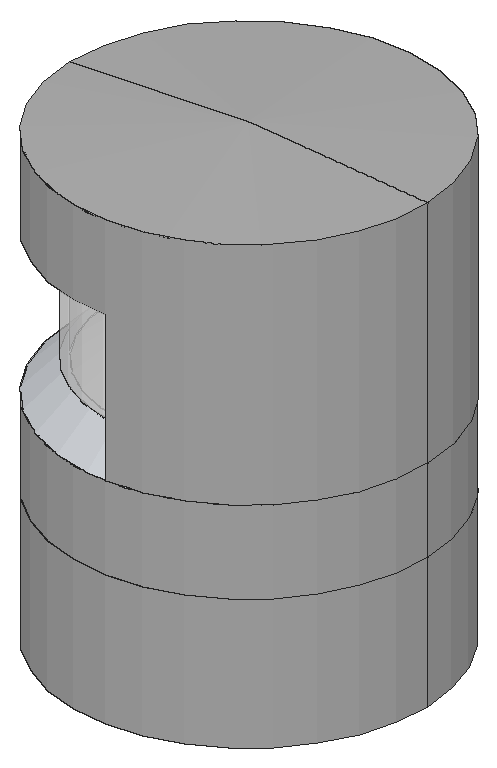
Revit family "Platek_Mirco Menhir_1_Opening", category Apparecchi per illuminazione, Revit 2017
Family settings
  Quota connettore circolare = Usa diametro
  Tipo di parte = Normale
  Basato su piano di lavoro = Sì
  Sempre verticale = No
  Taglio con vuoti quando caricato = No
  Sorgente d'illuminazione = Sì
  Condiviso = Sì
  Punto di calcolo locali = No
Parameters (values of type "4011111_9,6W_LED_3000K_H150mm")
  Wattage = 1.71669 W
  Variazione temperatura colore lampada con luminosità attenuata = <Nessuno>
  URL = "www.platek.eu"
  built-in parameter 1150107 = 3000 (stored number, unit not read)
  Supply Voltage Min = 220 V
  Supply Voltage Max = 240 V
  Supply Voltage = 230 V
  Rendi la forma visibile nel rendering = no
  Prospetto di default = 1219.200 mm
  Produttore = "PLATEK SRL"  # constant formula
  Product Page URL = "http://www.platek.eu/eng/catalogo.php?catseaname=4011111"
  Product Documentation Link = "http://www.platek.eu/eng/catalogo.php?catseaname=4011111"
  Product Dimension = "D115mm x H150mm"
  Power Supply Unit = "Included"
  built-in parameter 1150110 = 1 (stored number, unit not read)
  built-in parameter 1150109 = 1 (stored number, unit not read)
  built-in parameter 1114218 = 1 (stored number, unit not read)
  built-in parameter 1150112 = 1 (stored number, unit not read)
  PLATEK FInishes = "Painted Aluminium Avalaible in Anthracite/Black/White/Corten/Bronze"
  PLATEK Article Code = "4011111"
  Nota chiave = "Other Led colors available on request, IP68 connector included"
  Mounting Type = "Ground"
  Modello = "MICRO MENHIR"  # constant formula
  built-in parameter 1150137 = (empty or 0)
  built-in parameter 1150132 = 2
  Manufacturer Comment = "4mmThick PMMA"
  Luminaire Wattage = 9.6 W
  Luminaire Luminous Intensity = 203 cd
  Luminaire Luminous Flux = 255 lm
  Light Source = PLK_Light Source
  Lampada = "LED"
  LED Protection = "Surge protection included"
  built-in parameter 1150105 = 202.71 (stored number, unit not read)
  built-in parameter 1150102 = (empty or 0)
  Insulation Class = "2"
  Immagine tipo = micro_menhir_15_02.jpg
  built-in parameter 1150106 = 2.0271 (stored number, unit not read)
  IP Rating = "IP65"
  IK Rating = "IK08"
  Height = if(Height150, 43.000 mm, if(Height500, 403.000 mm, if(Height800, 703.000 mm, 43.000 mm)))  # 43.000 mm
  Height500 = no
  Height150 = yes
  Height800 = no
  Frequency = "50/60 Hz"
  Lumens = 255 lm
  Color Filter = 16777215
  File diagramma fotometrico = "4011111.IES"
  built-in parameter 1114217 = 1 (stored number, unit not read)
  built-in parameter 1150139 = (empty or 0)
  Energy Efficiency Rating = "A/A+/A++"
  Emit from Circle Diameter = 10.000 mm
  built-in parameter 1150104 = 13.8 (stored number, unit not read)
  built-in parameter 1150115 = 1 (stored number, unit not read)
  built-in parameter 1150114 = 1 (stored number, unit not read)
  built-in parameter 1150113 = 1 (stored number, unit not read)
  Dimmable = "Yes"
  Diffuse Type = "PMMA"
  Descrizione = "Outdoor Lighting, Floor/Ground Illumination"
  Commenti sul tipo = "Pedestrian areas, Urban zones, Paths, Roads"
  Colour Temperature = 3000 K
  built-in parameter 1150134 = (empty or 0)
  built-in parameter 1150138 = (empty or 0)
  Codice assieme = "4011111.06(Grey); 4011111.08(Anthracite); 4011111.01(Black); 4011111.02(White); 4011111.07(Corten); 4011111.09(Bronze)"
  Apparent Load = 0 VA
  Cable Lenght = ""
  CRI = ">80"
  Body = PLK_Grey
  Beam Angle = 0.00°
  Angolo inclinazione = 90.00°
  Aluminium = PLK_Aluminium
  Emetti da diametro cerchio = 3048.000 mm
Types (4, lengths in mm): name | Wattage | Product Page URL | Product Documentation Link | Product Dimension | PLATEK Article Code | Manufacturer Comment | Luminaire Wattage | Luminaire Luminous Intensity | Luminaire Luminous Flux | built-in parameter 1150105 | Immagine tipo | built-in parameter 1150106 | Height | Height500 | Height150 | Height800 | Lumens | File diagramma fotometrico | Codice assieme | Aluminium
  (no name) | 1.71669 W | "http://www.platek.eu/eng/catalogo.php?catseaname=4011111" | "http://www.platek.eu/eng/catalogo.php?catseaname=4011111" | "D115mm x H150mm" | "4011111" | "4mmThick PMMA" | 9.6 W | 203 cd | 255 lm | 202.71 (stored number, unit not read) | micro_menhir_15_02.jpg | 2.0271 (stored number, unit not read) | 43.000 | no | yes | no | 255 lm | "4011111.IES" | "4011111.06(Grey); 4011111.08(Anthracite); 4011111.01(Black); 4011111.02(White); 4011111.07(Corten); 4011111.09(Bronze)" | PLK_Aluminium
  4011111_9,6W_LED_3000K_H150mm | 1.71669 W | "http://www.platek.eu/eng/catalogo.php?catseaname=4011111" | "http://www.platek.eu/eng/catalogo.php?catseaname=4011111" | "D115mm x H150mm" | "4011111" | "4mmThick PMMA" | 9.6 W | 203 cd | 255 lm | 202.71 (stored number, unit not read) | micro_menhir_15_02.jpg | 2.0271 (stored number, unit not read) | 43.000 | no | yes | no | 255 lm | "4011111.IES" | "4011111.06(Grey); 4011111.08(Anthracite); 4011111.01(Black); 4011111.02(White); 4011111.07(Corten); 4011111.09(Bronze)" | PLK_Aluminium
  4011211_13,5W_LED_3000K_H500mm | 2.28892 W | "http://www.platek.eu/eng/catalogo.php?catseaname=4011211" | "http://www.platek.eu/eng/catalogo.php?catseaname=4011211" | "D115mm x H500mm" | "4011211" | "4mm Thick PMMA" | 13.5 W | 283 cd | 340 lm | 282.56 (stored number, unit not read) | micro_menhir_50_1 finestra.jpg | 2.8256 (stored number, unit not read) | 403.000 | yes | no | no | 340 lm | "4011211.IES" | "4011211.06(Grey); 4011211.08(Anthracite); 4011211.01(Black); 4011211.02(White); 4011211.07(Corten); 4011211.09(Bronze)" | PLK_Light Source
  4011311_13,5W_LED_3000K_H800mm | 1.90519 W | "http://www.platek.eu/eng/catalogo.php?catseaname=4011311" | "http://www.platek.eu/eng/catalogo.php?catseaname=4011311" | "D115mm x H800mm" | "4011311" | "4mm Thick PMMA" | 13.5 W | 283 cd | 340 lm | 235.19 (stored number, unit not read) | micro_menhir_80.jpg | 2.3519 (stored number, unit not read) | 703.000 | no | no | yes | 283 lm | "4011311.IES" | "4011311.06(Grey); 4011311.08(Anthracite); 4011311.01(Black); 4011311.02(White); 4011311.07(Corten); 4011311.09(Bronze)" | PLK_Aluminium
Reference planes
  plane 1 "Centro (Fronte/Retro)": y = 0
  plane 2: z = 0
  plane 3 "Centro (Sinistra/Destra)": x = 0
  plane 4: z = 43
  plane 5: z = 70
  plane 6: z = 80
  plane 7: z = 148.013
  plane 8: x = -57.5
  plane 9: x = 57.5
  plane 10: x = -47.5
  plane 11: x = -16.811
  plane 12: y = 47.5
  plane 13: y = -47.5
  plane 14: z = 117.735
  plane 15: z = 112.735
  plane 16: x = -45
Forms (mm)
  Extrusion 1, solid, material "PLK_Grey" <- "Body", detail levels medium+fine
    sketch origin (0, 0, 1892.5) x (-1, 0, 0) y (0, -1, 0)
      loop
        circle (0, 0) r 57.5
    from -1892.5 to -1849.5
  Extrusion 2, solid, material "PLK_Grey" <- "Body", detail levels medium+fine
    sketch origin (0, 0, 1892.5) x (-1, 0, 0) y (0, -1, 0)
      loop
        circle (0, 0) r 57.5
    from -1849.5 to -1822.5
  Revolve 3, solid, material "PLK_Grey" <- "Body", detail levels fine
    sketch origin (0, 0, 0) x (1, 0, 0) y (0, 0, 1)
      loop
        line (0, 148.013) -> (0, 70) -> (57.5, 70) -> (57.5, 145) -> (0, 148.013)
      axis (0, 148.013) -> (0, 70)
    angle from 0 to 360
  Extrusion 4, void
    sketch origin (0, 0, 0) x (1, 0, 0) y (0, 0, 1)
      loop
        line (0, 117.735) -> (-57.5, 117.735) -> (-57.5, 70) -> (0, 70) -> (0, 117.735)
    from -57.5 to 57.5
  Extrusion 5, void, detail levels fine
    sketch origin (0, 0, 1892.5) x (-1, 0, 0) y (0, -1, 0)
      loop
        line (0, -47.5) -> (0, 47.5)
        arc (0, 47.5) -> (-47.5, 0) -> (0, -47.5) r 47.5
    from -1822.5 to -1774.765
  Revolve 6, solid, detail levels fine
    sketch origin (0, 0, 0) x (1, 0, 0) y (0, 0, 1)
      loop
        line (0, 80) -> (-47.5, 80) -> (-57.5, 70) -> (0, 70) -> (0, 80)
      axis (0, 80) -> (0, 70)
    angle from 0 to 360
  Revolve 7, solid, material "PLK_Aluminium" <- "Aluminium", detail levels fine
    sketch origin (0, 0, 0) x (1, 0, 0) y (0, 0, 1)
      loop
        line (0, 112.735) -> (-0.893, 112.735) -> (-45, 80) -> (0, 80) -> (0, 112.735)
      axis (0, 112.735) -> (0, 80)
    angle from 0 to 360
  Extrusion 8, solid, material "PLK_Grey" <- "Body", detail levels medium
    sketch origin (0, 0, 1892.5) x (-1, 0, 0) y (0, -1, 0)
      loop
        circle (0, 0) r 57.5
    from -1822.5 to -1744.487
  Extrusion 9, solid, material "PLK_Grey" <- "Body", detail levels coarse
    sketch origin (0, 0, 1892.5) x (-1, 0, 0) y (0, -1, 0)
      loop
        circle (0, 0) r 57.5
    from -1892.5 to -1744.487
  Revolve 10, solid, material "PLK_Light Source" <- "Light Source"
    sketch origin (0, 0, 0) x (1, 0, 0) y (0, 0, 1)
      loop
        line (-47.5, 80) -> (-45, 80) -> (-45, 117.735) -> (-47.5, 117.735) -> (-47.5, 80)
      axis (0, 117.735) -> (0, 80)
    angle from 0 to 360
Cuts and joins
  Extrusion 4 cuts Extrusion 2
  Extrusion 4, Extrusion 5 cuts Revolve 3
Dimensions and locks
  "Height": plane 4 to level
  locked: plane 5 to plane 4 at 27
  locked: plane 6 to plane 5 at 10
  equal spacing: plane 9, plane 3 "Centro (Sinistra/Destra)", plane 8, locked at 57.5 each
  locked: plane 15 to plane 6 at 32.735
  locked: plane 14 to plane 15 at 5
  locked: plane 7 to plane 14 at 30.279
  radius of Extrusion 1 sketch curve = 57.500 mm
  radius of Extrusion 2 sketch curve = 57.500 mm
  radius of Extrusion 8 sketch curve = 57.500 mm
  radius of Extrusion 9 sketch curve = 57.500 mm
  aligned and locked: level to plane 2
  aligned and locked: plane 1 "Centro (Fronte/Retro)" to import instance
  aligned and locked: import instance to plane 3 "Centro (Sinistra/Destra)"
  aligned and locked: Extrusion 1 to level
  aligned and locked: plane 4 to Extrusion 1
  aligned and locked: Extrusion 2 to plane 4
  aligned and locked: plane 5 to Extrusion 2
  aligned and locked: plane 11 to import instance
  aligned and locked: Revolve 6 sketch curve to plane 3 "Centro (Sinistra/Destra)"
  aligned and locked: cut or joined group of Revolve 3, Extrusion 4, Extrusion 5 to plane 5  (x2)
  aligned and locked: Revolve 6 to plane 5
  aligned and locked: Revolve 6 to plane 6
  aligned and locked: plane 5 to cut or joined group of Revolve 3, Extrusion 4, Extrusion 5
  aligned and locked: plane 14 to cut or joined group of Revolve 3, Extrusion 4, Extrusion 5  (x2)
  aligned and locked: Revolve 7 to plane 15
  aligned and locked: Revolve 7 to plane 6
  aligned and locked: imposter light to plane 14
  aligned and locked: imposter light to plane 10
  aligned and locked: plane 1 "Centro (Fronte/Retro)" to imposter light
  aligned and locked: Extrusion 8 to plane 5
  aligned and locked: plane 7 to Extrusion 8
  aligned and locked: Extrusion 9 to level
  aligned and locked: plane 7 to Extrusion 9
  aligned and locked: Revolve 10 sketch curve to plane 3 "Centro (Sinistra/Destra)"
  aligned and locked: Revolve 10 to plane 14
  aligned and locked: Revolve 10 to plane 6
Automatic sketch dimensions
  plane 1 "Centro (Fronte/Retro)" to Extrusion 1 sketch curve = 0.000 mm
  Extrusion 1 sketch curve to plane 3 "Centro (Sinistra/Destra)" = 0.000 mm
  plane 1 "Centro (Fronte/Retro)" to Extrusion 2 sketch curve = 0.000 mm
  Extrusion 2 sketch curve to plane 3 "Centro (Sinistra/Destra)" = 0.000 mm
  Revolve 3 sketch curve to plane 3 "Centro (Sinistra/Destra)" = 0.000 mm  (x2)
  Revolve 3 sketch curve to plane 9 = 0.000 mm
  Revolve 3 sketch curve to plane 5 = 0.000 mm
  Revolve 3 sketch curve to plane 7 = 0.000 mm
  level to Revolve 3 sketch curve = 10.000 mm
  plane 7 to Revolve 3 sketch curve = 21.987 mm
  Extrusion 4 sketch curve to plane 7 = 30.279 mm
  Extrusion 4 sketch curve to plane 8 = 0.000 mm
  Extrusion 4 sketch curve to plane 3 "Centro (Sinistra/Destra)" = 0.000 mm
  plane 5 to Extrusion 4 sketch curve = 0.000 mm
  Extrusion 5 sketch curve to plane 3 "Centro (Sinistra/Destra)" = 0.000 mm
  Extrusion 5 sketch curve to plane 12 = 0.000 mm
  plane 1 "Centro (Fronte/Retro)" to Extrusion 5 sketch curve = 0.000 mm
  plane 5 to Revolve 6 sketch curve = 0.000 mm
  plane 8 to Revolve 6 sketch curve = 0.000 mm
  Revolve 6 sketch curve to plane 6 = 0.000 mm
  Revolve 6 sketch curve to plane 10 = 0.000 mm
  Revolve 6 sketch curve to plane 3 "Centro (Sinistra/Destra)" = 0.000 mm
  plane 4 to Revolve 6 sketch curve = 12.370 mm
  plane 7 to Revolve 6 sketch curve = 15.878 mm
  Revolve 3 sketch curve to plane 7 = 3.013 mm
  plane 6 to Revolve 7 sketch curve = 0.000 mm
  Revolve 7 sketch curve to plane 15 = 0.000 mm
  Revolve 7 sketch curve to plane 3 "Centro (Sinistra/Destra)" = 0.000 mm  (x2)
  Revolve 7 sketch curve to plane 3 "Centro (Sinistra/Destra)" = 0.893 mm
  plane 10 to Revolve 7 sketch curve = 2.500 mm
  Revolve 7 sketch curve to plane 5 = 9.810 mm
  plane 7 to Revolve 7 sketch curve = 8.344 mm
  plane 1 "Centro (Fronte/Retro)" to Extrusion 8 sketch curve = 0.000 mm
  Extrusion 8 sketch curve to plane 3 "Centro (Sinistra/Destra)" = 0.000 mm
  plane 1 "Centro (Fronte/Retro)" to Extrusion 9 sketch curve = 0.000 mm
  Extrusion 9 sketch curve to plane 3 "Centro (Sinistra/Destra)" = 0.000 mm
  Revolve 10 sketch curve to plane 10 = 0.000 mm
  plane 6 to Revolve 10 sketch curve = 0.000 mm
  plane 16 to Revolve 10 sketch curve = 0.000 mm
  Revolve 10 sketch curve to plane 14 = 0.000 mm
  level to Revolve 10 sketch curve = 8.163 mm
  plane 7 to Revolve 10 sketch curve = 50.150 mm
Connectors
  electrical at (0, 0, 0)
    settings: on Extrusion 1, index 1, voltage 0 V, apparent load 0 VA, apparent load phase1 0 VA, apparent load phase2 0 VA, apparent load phase3 0 VA, power factor 1, load classification "Altro", number of poles 1, system type 31, power factor state 1, is connector primary yes, connector utility no, sub classification motor no, connector description ""
